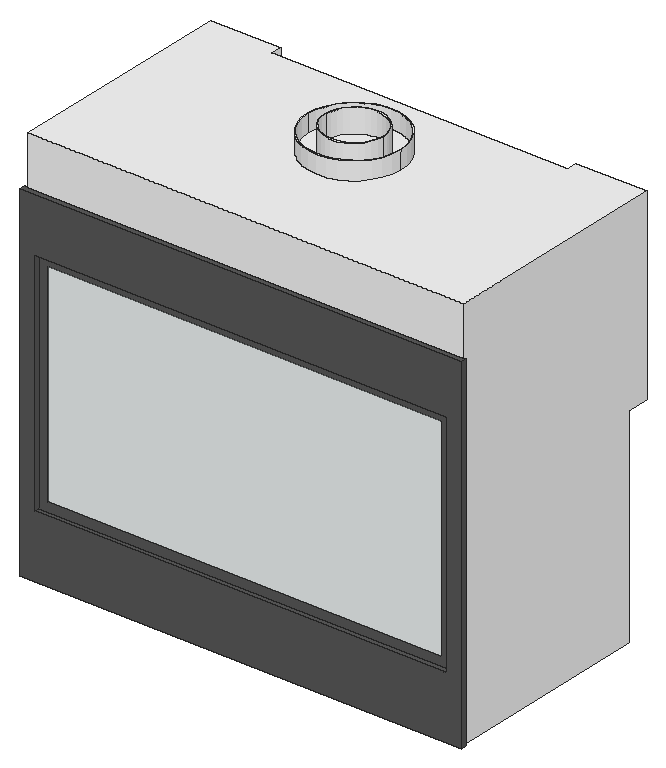
Revit family "P38DF", category Generic Models, Revit 2019
Family settings
  Can host rebar = No
  Round Connector Dimension = Use Diameter
  Part Type = Normal
  Work Plane-Based = No
  Always vertical = Yes
  Cut with Voids When Loaded = No
  Shared = No
  Room Calculation Point = No
Parameters
  Width = 12 5/16"
  URL = "https://www.montigo.com/"
  Model = ""
  Manufacturer Fax = ""
  Manufacturer Website = "https://www.montigo.com/"
  Manufacturer Phone - Toll Free = "800-378-3115"
  Manufacturer Phone = ""
  Manufacturer Address = "27342 Gloucester Way  Langley, BC, Canada   V4W 4A1"
  Manufacturer = "Montigo"
  Length = 53 7/16"
  Keynote = ""
  Glazing Tint = Glass - Montigo - Tint as Specified
  Frame Material = Metal - Montigo - Black
  Firebox Material = Metal - Montigo - White
  Fire Place Length = 50 5/16"
  Fire Place Height = 24 1/2"
  Fire Place - Opening = 16 9/16"
  Description = "Montigo Fireplace as Specified"
  Base Height = 6 9/16"
Reference planes (in)
  plane 1 "Center (Front/Back)": y = 0
  plane 2: z = 0
  plane 3 "Center (Left/Right)": x = 0
Forms (in)
  Extrusion 1, solid, material "Metal - Montigo - White" <- "Firebox Material"
    sketch origin (0, 0, 0) x (1, 0, 0) y (0, 1, 0)
      loop
        line (-18.61177, 0) -> (18.61377, 0) -> (18.61377, 19.555) -> (12.61377, 19.555) -> (12.61377, 18.6285) -> (-12.61177, 18.6285) -> (-12.61177, 19.555) -> (-18.61177, 19.555) -> (-18.61177, 0)
    from 17.75 to 33.75
  Extrusion 2, solid, material "Metal - Montigo - Black" <- "Frame Material"
    sketch origin (42.25, -6.4375, 0) x (-1, 0, 0) y (0, 0, -1)
      loop
        line (61.09375, 0) -> (23.40625, 0) -> (23.40625, -29.5625) -> (61.09375, -29.5625) -> (61.09375, 0)
      loop
        line (24.65625, -24.9375) -> (59.84375, -24.9375) -> (59.84375, -5.3519) -> (24.65625, -5.3519) -> (24.65625, -24.9375)
    from -6.4375 to -5.9375
  Extrusion 3, solid, material "Glass - Montigo - Tint as Specified" <- "Glazing Tint"
    sketch origin (42.25, -6.4375, 0) x (-1, 0, 0) y (0, 0, -1)
      loop
        line (24.65625, -24.9375) -> (59.84375, -24.9375) -> (59.84375, -5.3519) -> (24.65625, -5.3519) -> (24.65625, -24.9375)
    from -6.4375 to -6.375
  Extrusion 4, solid, material "Metal - Montigo - Black" <- "Frame Material"
    sketch origin (42.25, -6.4375, 0) x (-1, 0, 0) y (0, 0, -1)
      loop
        line (24.65625, -24.9375) -> (59.84375, -24.9375) -> (59.84375, -5.3519) -> (24.65625, -5.3519) -> (24.65625, -24.9375)
      loop
        line (59.09375, -24.1875) -> (59.09375, -6.1019) -> (25.40625, -6.1019) -> (25.40625, -24.1875) -> (59.09375, -24.1875)
    from -6.4375 to -6.375
  Extrusion 5, solid, material "Metal - Montigo - White" <- "Firebox Material"
    sketch origin (0, 0, 0) x (1, 0, 0) y (0, 1, 0)
      loop
        line (-18.61177, 0) -> (18.61377, 0) -> (18.61377, 17.6285) -> (-18.61177, 17.6285) -> (-18.61177, 0)
    from 0 to 17.75
Cuts and joins
  joined: Extrusion 1, Extrusion 5
Dimensions and locks (in)
  plane 1 "Center (Front/Back)" to Extrusion 1 = 19.555"
  Extrusion 1 to nested 1 = 7 15/16"
  nested 4 to level = 26 5/16"
  Extrusion 1 to Extrusion 1 to level = 16", 17 3/4"
  aligned and locked: level to plane 2
  aligned and locked: nested 4 to plane 3 "Center (Left/Right)"
  aligned and locked: nested 3 to plane 3 "Center (Left/Right)"
  aligned and locked: nested 1 to plane 3 "Center (Left/Right)"
  aligned and locked: nested 4 to nested 2
  aligned and locked: nested 2 to nested 1
Nested families (in)
  nested 1: "Duct Dia" at (0, 11.6175, 33.75) x (-1, 0, 0) z (0, 0, 1), type "5""
    with Intake Duct Dia 5", Intake Diameter 4 7/8", Height 2"
  nested 2: "Duct Dia" at (0, 11.6175, 33.75) x (-1, 0, 0) z (0, 0, 1), type "8""
    with Intake Duct Dia 8", Intake Diameter 7 7/8", Height 1 1/2"
  nested 3: "Duct Dia" at (0, 18.6285, 26.3125) x (-1, 0, 0) z (0, 1, 0), type "5""
    with Intake Duct Dia 5", Intake Diameter 4 7/8", Height 2"
  nested 4: "Duct Dia" at (0, 18.6285, 26.3125) x (-1, 0, 0) z (0, 1, 0), type "8""
    with Intake Duct Dia 8", Intake Diameter 7 7/8", Height 1 1/2"
Connectors (in)
  hvac at (0, 11.6175, 35.75)
    settings: on nested 1, index 4, duct flow 0.0 L/s, flow factor 0, pres drop 0.0 Pa, loss coef 0, conn angle 0.00°, conn width 304.8 mm, conn height 304.8 mm, conn diameter 127 mm, duct sys type 3, conn prof type 0, flow config 0, flow direction 0, loss method 0, conn ref index -1, conn util no, is conn primary yes, conn desc ""
  hvac at (0, 11.6175, 35.25)
    settings: on nested 2, index 5, duct flow 0.0 L/s, flow factor 0, pres drop 0.0 Pa, loss coef 0, conn angle 0.00°, conn width 304.8 mm, conn height 304.8 mm, conn diameter 203.2 mm, duct sys type 3, conn prof type 0, flow config 0, flow direction 0, loss method 0, conn ref index -1, conn util no, is conn primary no, conn desc ""
Definition of nested family "Duct Dia"
  Parameters (values of type "15 7/8" Dia.")
    Intake Duct Dia = 15 7/8"
    Intake Diameter = Intake Duct Dia - 1/8"  # 15 3/4"
    Height = 4"
    Firebox Material = none
    Default Elevation = 48"
  Types (12): name | Intake Duct Dia | Intake Diameter | Height
    9 7/8" Dia. | 9 7/8" | 9 3/4" | 4"
    7 7/8" Dia | 7 7/8" | 7 3/4" | 4"
    8 1/8" Dia | 8 1/8" | 8" | 1/4"
    11 3/4" Dia | 11 3/4" | 11 5/8" | 4"
    4" Dia | 10" | 9 7/8" | 4"
    7 3/4" Dia | 7 3/4" | 7 5/8" | 4"
    6 7/8" Dia | 6 7/8" | 6 3/4" | 1/4"
    9 3/4" Dia. | 9 3/4" | 9 5/8" | 4"
    7 1/8" Dia | 7 1/8" | 7" | 1/4"
    11 7/8" Dia. | 11 7/8" | 11 3/4" | 4"
    13 7/8" Dia. | 13 7/8" | 13 3/4" | 4"
    15 7/8" Dia. | 15 7/8" | 15 3/4" | 4"
  Reference planes (in)
    plane 1 "Center (Front/Back)": y = 0
    plane 2: z = 0
    plane 3 "Center (Left/Right)": x = 0
    plane 4: z = 4
  Forms (in)
    Extrusion 1, solid
      sketch origin (0, 0, 0) x (1, 0, 0) y (0, 1, 0)
        loop
          line (-48, 48) -> (-48, -48) -> (48, -48) -> (48, 48) -> (-48, 48)
      from 0 to -12
    Extrusion 2, solid, material <- "Firebox Material"
      sketch origin (0, 0, 0) x (1, 0, 0) y (0, 1, 0)
        loop
          circle (0, 0) r 7.9375
        loop
          circle (0, 0) r 7.875
      from 0 to 4
  Dimensions and locks (in)
    "Height": plane 4 to level
    "Intake Duct Dia": diameter of Extrusion 2 sketch curve
    "Intake Diameter": diameter of Extrusion 2 sketch curve
    aligned and locked: plane 2 to Extrusion 1
    aligned and locked: level to Extrusion 1
    aligned and locked: plane 4 to Extrusion 2
  Automatic sketch dimensions
    Extrusion 1 sketch curve to Extrusion 1 sketch curve = 96"  (x2)
    Extrusion 2 sketch curve to Extrusion 2 sketch curve = 0"  (x2)
    plane 1 "Center (Front/Back)" to Extrusion 2 sketch curve = 0"
    Extrusion 2 sketch curve to plane 3 "Center (Left/Right)" = 0"
